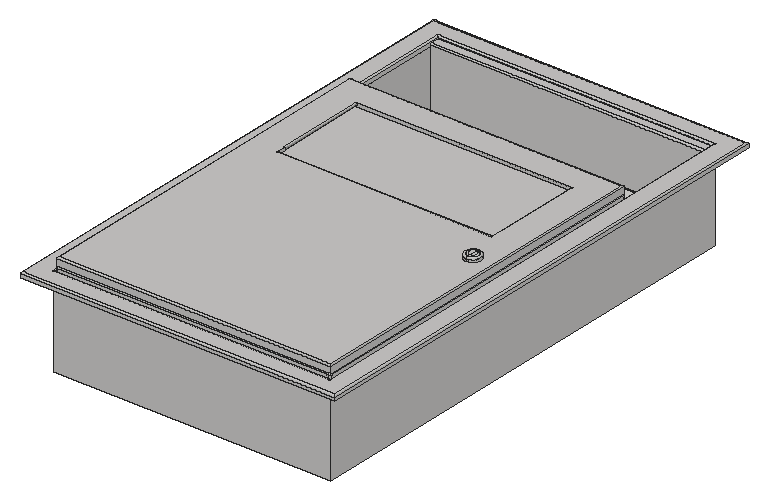
Revit family "PRD_AR_WstBns_RODANHygieneWasteBin_RODX612E", category Specialty Equipment, host Face, Revit 2018
Family settings
  Host = Face
  Round Connector Dimension = Use Diameter
  Part Type = Normal
  OmniClass Number = 23.40.20.31.11
  OmniClass Title = Bins
  Cut with Voids When Loaded = Yes
  Shared = No
  Room Calculation Point = No
Parameters (values of type "RODX612E")
  WarrantyStartDate [instance] = "1900-12-31T23:59:59"
  WarrantyGuarantorParts = "n/a"
  WarrantyGuarantorLabor = "n/a"
  WarrantyDurationUnit = "year"
  WarrantyDurationParts = "n/a"
  WarrantyDurationLabor = "n/a"
  WarrantyDescription = "n/a"
  Version = "1"
  Uniclass2015Version = "Products v1.17"
  Uniclass2015Title = "Waste bins"
  Uniclass2015Code = "Pr_40_50_07_96"
  URL = "www.kwc.com"
  TypeOfMounting = "Recessed mounting"
  TypeOfFixing = "Screw"
  TagNumber [instance] = "n/a"
  SustainabilityPerformance = "n/a"
  Style = "Waste bin"
  Size = "401 x 659 x 130 mm"
  Shape = "n/a"
  SerialNumber [instance] = "n/a"
  Revision = "n/a"
  ReplacementCost = "n/a"
  ProductInformation = "https://pim.kwc.com/product/2000101359/attachment/datasheet?locale=en"
  Offset = 0 mm
  NominalWidth = 401 mm
  NominalHeight = 659 mm
  NominalDepth = 130 mm
  NetWeight = 7.09 kg
  Name = "Hygiene Waste Bin RODX612E"
  NBSTypeID = "n/a"
  NBSReference = "45-35-72/380"
  NBSOfficeMasterTag = "n/a"
  NBSNote = "n/a"
  NBSDescription = "Waste bins"
  NBSCertification = "n/a"
  ModelReference = "RODX612E"
  ModelNumber = "2000101359"
  Model = ModelReference  # "RODX612E"
  MaterialThickness = "0.80 mm"
  MaterialCode = "1.4301"
  Material = "stainless steel"
  ManufacturerURL = "www.kwc.com"
  ManufacturerName = "KWC Group AG"  # constant formula
  Manufacturer = ManufacturerName  # "KWC Group AG"
  MainColor = "stainless steel"
  Lock = "Key-lock"
  Lid = "Yes"
  IsBuiltIn = "TRUE"
  IntegralAccessories = "incl. stainless steel screws and dowels"
  InstallationDate [instance] = "1900-12-31T23:59:59"
  IfcExportType = "USERDEFINED"
  IfcExportAs = "IfcFurnitureType"
  GrossWeight = 8.50 kg
  Grade = "n/a"
  Finish = "satin finished"
  FillingVolume = "6.00 liter"
  Features = "stainless steel, surface satin finished"
  ExpectedLife = "n/a"
  DurationUnit = "year"
  DispenserMaterial = PRD_AR_StainlessSteel_SatinFinished
  Description = "Sanitary towel and disposal bin for recessed mounting, stainless steel, surface satin finished, material thickness 0.8 mm, approx. 6 liter capacity, with integrated bag holder, self closing lid, with integrated storage for paper hygiene bags, can be combined with RODX191 hygiene bag dispenser for plastic bags, cylinder lock with KWC standard key, includes stainless steel screws and dowels."
  Default Elevation = 850 mm
  CreatedOn = "05/2020"  # constant formula
  Constituents = "n/a"
  Color = "n/a"
  CodePerformance = "n/a"
  Category = "Pr_40_50_07_96, Waste bins"
  BarCode [instance] = "n/a"
  BagHolder = "Integrated"
  BIMObjectName = "PRD_AR_WasteBins_RODANHygieneWasteBin_RODX612E"
  Author = "Archispace"  # constant formula
  AssetType = "Fixed"
  AssetIdentifier [instance] = "n/a"
  AccessibilityPerformance = "n/a"
Reference planes
  plane 1 "Center (Front/Back)": y = 0
  plane 2: z = 0
  plane 3 "Center (Left/Right)": x = 0
  plane 4: z = 0
Forms (mm)
  Extrusion 1, void
    sketch origin (0, 0, 0) x (1, 0, 0) y (0, 1, 0)
      loop
        line (-176.5, 375.5) -> (-176.5, -235.5) -> (176.5, -235.5) -> (176.5, 375.5) -> (-176.5, 375.5)
    from -110 to 0
Dimensions and locks
  "Offset": plane 4 to level
  aligned and locked: plane 2 to host face
  aligned and locked: level to host face
Automatic sketch dimensions
  host sketch curve to host sketch curve = 949.647 mm
  host sketch curve to host sketch curve = 1061.576 mm
  Extrusion 1 sketch curve to plane 3 "Center (Left/Right)" = 176.5 mm
  plane 3 "Center (Left/Right)" to Extrusion 1 sketch curve = 176.5 mm
  plane 1 "Center (Front/Back)" to Extrusion 1 sketch curve = 235.5 mm
  Extrusion 1 sketch curve to plane 1 "Center (Front/Back)" = 375.5 mm
Nested families
  nested 1: "RODX612E" at (0, 0, -110), type "RODX612E"
Definition of nested family "RODX612E"
  Parameters (values of type "RODX612E")
    Material = none
  Reference planes
    plane 1 "Center (Front/Back)": y = 0
    plane 2: z = 0
    plane 3 "Center (Left/Right)": x = 0
  Forms (mm)
    Sweep 1, solid, material <- "Material", detail levels fine
      path origin (-30, 12.517, -35.3) x (0, 1, 0) y (0, 0, -1)
        loop
          line (-200.017, -154.527) -> (174.983, -154.527)
      profile origin (-30, 0, 119.227) x (0, 0, -1) y (-1, 0, 0)
        loop
          circle (0.027, 145) r 1.8
    Extrusion 2, solid, material <- "Material", detail levels fine
      sketch origin (0, 0, 0) x (1, 0, 0) y (0, 1, 0)
        loop
          arc (175, 232.4) -> (174.385, 233.885) -> (172.9, 234.5) r 2.1
          line (172.9, 234.5) -> (-172.9, 234.5)
          arc (-172.9, 234.5) -> (-174.385, 233.885) -> (-175, 232.4) r 2.1
          line (-175, 232.4) -> (-175, -232.4)
          arc (-175, -232.4) -> (-174.385, -233.885) -> (-172.9, -234.5) r 2.1
          line (-172.9, -234.5) -> (172.9, -234.5)
          arc (172.9, -234.5) -> (174.385, -233.885) -> (175, -232.4) r 2.1
          line (175, -232.4) -> (175, 232.4)
      from 1 to 121
    Sweep 3, void
      path in 3D
        loop
          arc (-175, -232.4, 121) -> (-174.385, -233.885, 121) -> (-172.9, -234.5, 121) r 2.1
          line (-172.9, -234.5, 121) -> (172.9, -234.5, 121)
          arc (172.9, -234.5, 121) -> (174.385, -233.885, 121) -> (175, -232.4, 121) r 2.1
          line (175, -232.4, 121) -> (175, 232.4, 121)
          arc (175, 232.4, 121) -> (174.385, 233.885, 121) -> (172.9, 234.5, 121) r 2.1
          line (172.9, 234.5, 121) -> (-172.9, 234.5, 121)
          arc (-172.9, 234.5, 121) -> (-174.385, 233.885, 121) -> (-175, 232.4, 121) r 2.1
          line (-175, 232.4, 121) -> (-175, -232.4, 121)
      profile origin (-175, 0, 121) x (1, 0, 0) y (0, 0, 1)
        loop
          line (0, 0) -> (0, -2)
          arc (0, -2) -> (0.586, -0.586) -> (2, 0) r 2
          line (2, 0) -> (0, 0)
    Extrusion 4, solid, material <- "Material", detail levels fine
      sketch origin (0, 0, 0) x (1, 0, 0) y (0, 1, 0)
        loop
          line (-175, 233.5) -> (-175, -233.5) -> (175, -233.5) -> (175, 233.5) -> (-175, 233.5)
      from 121 to 131
    Sweep 5, void
      path in 3D
        loop
          line (-175, 233.5, 131) -> (-175, -233.5, 131) -> (175, -233.5, 131) -> (175, 233.5, 131) -> (-175, 233.5, 131)
      profile origin (0, 233.5, 131) x (0, -1, 0) y (0, 0, 1)
        loop
          line (0, 0) -> (0, -2)
          arc (0, -2) -> (0.586, -0.586) -> (2, 0) r 2
          line (2, 0) -> (0, 0)
    Revolve 6, solid, material <- "Material", detail levels fine
      sketch origin (149, 0, 1) x (0, 1, 0) y (0, 0, 1)
        loop
          line (25, 130) -> (25, 135.2) -> (19.5, 135.2)
          arc (19.5, 135.2) -> (19, 135.066) -> (18.634, 134.7) r 1
          line (18.634, 134.7) -> (17, 134.7)
          arc (17, 134.7) -> (15.586, 134.114) -> (15, 132.7) r 2
          line (15, 132.7) -> (15, 130) -> (25, 130)
        axis (25, 135.2) -> (25, 130)
      angle from 0 to 360
    Extrusion 7, void
      sketch origin (0, 0, 0) x (1, 0, 0) y (0, 1, 0)
        loop
          line (-137, 197.5) -> (-138.5, 197.5) -> (-138.5, 82.5) -> (-137, 82.5) -> (-137, 70) -> (137, 70) -> (137, 82.5) -> (138.5, 82.5) -> (138.5, 197.5) -> (-137, 197.5)
      from 127 to 131
    Extrusion 8, solid, material <- "Material", detail levels fine
      sketch origin (0, 0, 1) x (0, 1, 0) y (0, 0, 1)
        loop
          line (70, 130) -> (70, 127)
          arc (70, 127) -> (71.5, 128.5) -> (70, 130) r 1.5
      from -137 to 137
    Extrusion 9, solid, material <- "Material", detail levels fine
      sketch origin (0, 0, 1) x (1, 0, 0) y (0, 0, 1)
        loop
          arc (138.5, 130) -> (137, 128.5) -> (138.5, 127) r 1.5
          line (138.5, 127) -> (138.5, 130)
        loop
          line (-138.5, 130) -> (-138.5, 127)
          arc (-138.5, 127) -> (-137, 128.5) -> (-138.5, 130) r 1.5
      from -197.5 to -82.5
    Extrusion 10, void
      sketch origin (0, 0, 1) x (0, 1, 0) y (0, 0, 1)
        loop
          line (232.5, 105) -> (211.5, 105) -> (211.5, 92.765)
          arc (211.5, 92.765) -> (211.19, 91.696) -> (210.358, 90.958) r 2
          line (210.358, 90.958) -> (133.642, 54.542)
          arc (133.642, 54.542) -> (132.81, 53.804) -> (132.5, 52.735) r 2
          line (132.5, 52.735) -> (132.5, 28)
          arc (132.5, 28) -> (133.086, 26.586) -> (134.5, 26) r 2
          line (134.5, 26) -> (209.5, 26)
          arc (209.5, 26) -> (210.914, 25.414) -> (211.5, 24) r 2
          line (211.5, 24) -> (211.5, 11) -> (232.5, 11)
          arc (232.5, 11) -> (233.914, 10.414) -> (234.5, 9) r 2
          line (234.5, 9) -> (234.5, 107)
          arc (234.5, 107) -> (233.914, 105.586) -> (232.5, 105) r 2
      from -155 to 155
    Revolve 11, solid, material <- "Material", detail levels medium
      sketch origin (149, 0, 1) x (0, 1, 0) y (0, 0, 1)
        loop
          line (25, 130) -> (25, 135.2) -> (15, 135.2) -> (15, 130) -> (25, 130)
        axis (25, 135.2) -> (25, 130)
      angle from 0 to 360
    Extrusion 12, void
      sketch origin (0, 0, -334) x (0, 1, 0) y (0, 0, 1)
        loop
          line (232.5, 440) -> (211.5, 440) -> (211.5, 427.765)
          arc (211.5, 427.765) -> (211.19, 426.696) -> (210.358, 425.958) r 2
          line (210.358, 425.958) -> (133.642, 389.542)
          arc (133.642, 389.542) -> (132.81, 388.804) -> (132.5, 387.735) r 2
          line (132.5, 387.735) -> (132.5, 363)
          arc (132.5, 363) -> (133.086, 361.586) -> (134.5, 361) r 2
          line (134.5, 361) -> (209.5, 361)
          arc (209.5, 361) -> (210.914, 360.414) -> (211.5, 359) r 2
          line (211.5, 359) -> (211.5, 346) -> (232.5, 346) -> (232.5, 440)
      from 155 to 174
    Extrusion 13, void
      sketch origin (0, 0, -334) x (0, 1, 0) y (0, 0, -1)
        loop
          line (239.008, -440) -> (239.008, -346) -> (211.5, -346) -> (211.5, -359)
          arc (211.5, -359) -> (210.914, -360.414) -> (209.5, -361) r 2
          line (209.5, -361) -> (134.5, -361)
          arc (134.5, -361) -> (133.086, -361.586) -> (132.5, -363) r 2
          line (132.5, -363) -> (132.5, -387.735)
          arc (132.5, -387.735) -> (132.81, -388.804) -> (133.642, -389.542) r 2
          line (133.642, -389.542) -> (210.358, -425.958)
          arc (210.358, -425.958) -> (211.19, -426.696) -> (211.5, -427.765) r 2
          line (211.5, -427.765) -> (211.5, -440) -> (239.008, -440)
      from 155 to 174
    Extrusion 14, solid, material <- "Material", detail levels fine
      sketch origin (0, 0, 0) x (1, 0, 0) y (0, 1, 0)
        loop
          line (-200.5, 399.5) -> (-200.5, -259.5) -> (200.5, -259.5) -> (200.5, 399.5) -> (-200.5, 399.5)
        loop
          line (-175.5, 374.5) -> (-175.5, -234.5) -> (175.5, -234.5) -> (175.5, 374.5) -> (-175.5, 374.5)
      from 110 to 116
    Extrusion 15, solid, material <- "Material", detail levels fine
      sketch origin (0, 0, 0) x (1, 0, 0) y (0, 1, 0)
        loop
          line (-176.5, -235.5) -> (176.5, -235.5) -> (176.5, 375.5) -> (-176.5, 375.5) -> (-176.5, -235.5)
      from 0 to 110
    Extrusion 16, void
      sketch origin (0, 0, 0) x (0, 1, 0) y (0, 0, 1)
        loop
          arc (360.914, 35.414) -> (361.348, 36.063) -> (361.5, 36.828) r 2
          line (361.5, 36.828) -> (361.5, 110) -> (-234.5, 110) -> (-234.5, 1) -> (234.5, 1) -> (234.5, 2) -> (326.672, 2)
          arc (326.672, 2) -> (327.437, 2.152) -> (328.086, 2.586) r 2
          line (328.086, 2.586) -> (360.914, 35.414)
      from -175.5 to 175.5
    Extrusion 17, solid, material <- "Material", detail levels fine
      sketch origin (0, 0, 0) x (0, 1, 0) y (0, 0, 1)
        loop
          line (374.5, 114) -> (363.5, 114)
          arc (363.5, 114) -> (362.086, 113.414) -> (361.5, 112) r 2
          line (361.5, 112) -> (361.5, 110) -> (374.5, 110) -> (374.5, 114)
      from -175.5 to 175.5
    Sweep 18, void
      path in 3D
        loop
          line (-200.5, -259.5, 116) -> (200.5, -259.5, 116) -> (200.5, 399.5, 116) -> (-200.5, 399.5, 116) -> (-200.5, -259.5, 116)
      profile origin (-200.5, 70, 116) x (1, 0, 0) y (0, 0, 1)
        loop
          line (0, 0) -> (0, -2)
          arc (0, -2) -> (0.586, -0.586) -> (2, 0) r 2
          line (2, 0) -> (0, 0)
    Sweep 19, void
      path in 3D
        loop
          line (175.5, -234.5, 116) -> (-175.5, -234.5, 116) -> (-175.5, 374.5, 116) -> (175.5, 374.5, 116) -> (175.5, -234.5, 116)
      profile origin (175.5, 70, 116) x (1, 0, 0) y (0, 0, 1)
        loop
          line (0, 0) -> (0, -2)
          arc (0, -2) -> (0.586, -0.586) -> (2, 0) r 2
          line (2, 0) -> (0, 0)
    Extrusion 20, solid, material <- "Material", detail levels medium
      sketch origin (0, 0, 0) x (1, 0, 0) y (0, 1, 0)
        loop
          line (-200.5, 399.5) -> (-200.5, -259.5) -> (200.5, -259.5) -> (200.5, 399.5) -> (-200.5, 399.5)
        loop
          line (-175.5, 374.5) -> (-175.5, -234.5) -> (175.5, -234.5) -> (175.5, 374.5) -> (-175.5, 374.5)
      from 110 to 116
    Extrusion 21, solid, material <- "Material", detail levels medium
      sketch origin (0, 0, 0) x (1, 0, 0) y (0, 1, 0)
        loop
          line (-176.5, -235.5) -> (176.5, -235.5) -> (176.5, 375.5) -> (-176.5, 375.5) -> (-176.5, -235.5)
      from 0 to 110
    Extrusion 22, solid, material <- "Material", detail levels medium
      sketch origin (0, 0, 0) x (0, 1, 0) y (0, 0, 1)
        loop
          line (374.5, 114) -> (361.5, 114) -> (361.5, 110) -> (374.5, 110) -> (374.5, 114)
      from -175.5 to 175.5
    Extrusion 23, solid, material <- "Material", detail levels medium
      sketch origin (0, 0, 0) x (1, 0, 0) y (0, 1, 0)
        loop
          arc (175, 232.4) -> (174.385, 233.885) -> (172.9, 234.5) r 2.1
          line (172.9, 234.5) -> (-172.9, 234.5)
          arc (-172.9, 234.5) -> (-174.385, 233.885) -> (-175, 232.4) r 2.1
          line (-175, 232.4) -> (-175, -232.4)
          arc (-175, -232.4) -> (-174.385, -233.885) -> (-172.9, -234.5) r 2.1
          line (-172.9, -234.5) -> (172.9, -234.5)
          arc (172.9, -234.5) -> (174.385, -233.885) -> (175, -232.4) r 2.1
          line (175, -232.4) -> (175, 232.4)
      from 1 to 121
    Extrusion 24, solid, material <- "Material", detail levels medium
      sketch origin (0, 0, 0) x (1, 0, 0) y (0, 1, 0)
        loop
          line (-175, 233.5) -> (-175, -233.5) -> (175, -233.5) -> (175, 233.5) -> (-175, 233.5)
      from 121 to 131
    Extrusion 25, void
      sketch origin (0, 500, 0) x (0, 1, 0) y (0, 0, 1)
        loop
          line (-288.5, 27) -> (-288.5, 12) -> (-265.5, 12) -> (-265.5, 106) -> (-288.5, 106) -> (-288.5, 92.5) -> (-367.5, 55) -> (-367.5, 27) -> (-288.5, 27)
      from -137 to 137
    Extrusion 26, void
      sketch origin (0, 0, 0) x (1, 0, 0) y (0, 1, 0)
        loop
          line (-137, 197.5) -> (-137, 71.5) -> (137, 71.5) -> (137, 197.5) -> (-137, 197.5)
      from 127 to 131
    Extrusion 27, solid, material <- "Material", detail levels coarse
      sketch origin (0, 0, 0) x (1, 0, 0) y (0, 1, 0)
        loop
          line (-200.5, 399.5) -> (-200.5, -259.5) -> (200.5, -259.5) -> (200.5, 399.5) -> (-200.5, 399.5)
      from 110 to 116
    Extrusion 28, solid, material <- "Material", detail levels coarse
      sketch origin (0, 0, 0) x (1, 0, 0) y (0, 1, 0)
        loop
          line (-176.5, -235.5) -> (176.5, -235.5) -> (176.5, 375.5) -> (-176.5, 375.5) -> (-176.5, -235.5)
      from 0 to 110
    Extrusion 29, solid, material <- "Material", detail levels coarse
      sketch origin (0, 0, 0) x (1, 0, 0) y (0, 1, 0)
        loop
          line (-175, 233.5) -> (-175, -233.5) -> (175, -233.5) -> (175, 233.5) -> (-175, 233.5)
      from 116 to 131
  Cuts and joins
    Extrusion 10, Extrusion 12, Extrusion 13 cuts Sweep 1
    Sweep 3, Extrusion 10, Extrusion 12, Extrusion 13 cuts Extrusion 2
    joined: Sweep 1, Extrusion 2
    Sweep 5, Extrusion 7 cuts Extrusion 4
    joined: Extrusion 4, Extrusion 8, Extrusion 9
    Extrusion 16 cuts Extrusion 15
    joined: Extrusion 15, Extrusion 17
    Sweep 18, Sweep 19 cuts Extrusion 14
    Extrusion 16 cuts Extrusion 21
    Extrusion 25 cuts Extrusion 23
    Extrusion 26 cuts Extrusion 24
  Lines and regions (mm)
    sketch lines
      curve 1: line (-175, 232.4, 121) -> (-175, -232.4, 121)
      curve 2: arc (-172.9, -234.5, 121) -> (-174.385, -233.885, 121) -> (-175, -232.4, 121) r 2.1
      curve 3: line (-172.9, -234.5, 121) -> (172.9, -234.5, 121)
      curve 4: arc (175, -232.4, 121) -> (174.385, -233.885, 121) -> (172.9, -234.5, 121) r 2.1
      curve 5: line (175, -232.4, 121) -> (175, 232.4, 121)
      curve 6: arc (-175, 232.4, 121) -> (-174.385, 233.885, 121) -> (-172.9, 234.5, 121) r 2.1
      curve 7: line (172.9, 234.5, 121) -> (-172.9, 234.5, 121)
      curve 8: arc (172.9, 234.5, 121) -> (174.385, 233.885, 121) -> (175, 232.4, 121) r 2.1
      curve 9: line (175, 233.5, 131) -> (-175, 233.5, 131)
      curve 10: line (-175, 233.5, 131) -> (-175, -233.5, 131)
      curve 11: line (175, -233.5, 131) -> (175, 233.5, 131)
      curve 12: line (-175, -233.5, 131) -> (175, -233.5, 131)
      curve 13: line (-200.5, 399.5, 116) -> (-200.5, -259.5, 116)
      curve 14: line (-200.5, -259.5, 116) -> (200.5, -259.5, 116)
      curve 15: line (200.5, -259.5, 116) -> (200.5, 399.5, 116)
      curve 16: line (200.5, 399.5, 116) -> (-200.5, 399.5, 116)
      curve 17: line (175.5, 374.5, 116) -> (175.5, -234.5, 116)
      curve 18: line (175.5, -234.5, 116) -> (-175.5, -234.5, 116)
      curve 19: line (-175.5, -234.5, 116) -> (-175.5, 374.5, 116)
      curve 20: line (-175.5, 374.5, 116) -> (175.5, 374.5, 116)
  Dimensions and locks
    aligned and locked: level to plane 2
